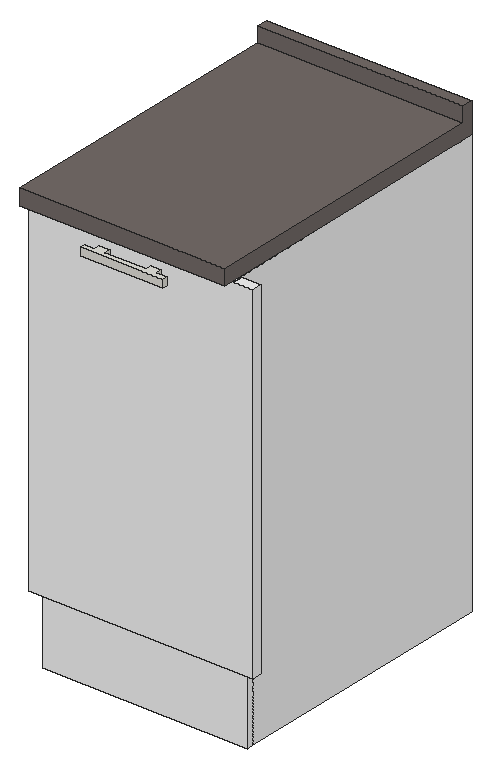
Revit family
Parameters (values of type "MAKE-UP 4000 BASE 02 (1000*600*440)")
  Assembly Code = ""
  Manufacturer = "HANSSEM"
  Model = "MAKE-UP 4000 BASE"
  Width = 400 mm
  upper face material = MARBL25
  side material = white shine
  support material = white shine
  knob material = Chrome, 2
  Height = 862 mm
  drawer material = white shine
  Depth = 600 mm
Reference planes
  plane 1 "중심(앞/뒤)": y = 0
  plane 2: z = 0
  plane 3 "중심(왼쪽/오른쪽)": x = 0
  plane 4: y = 300
  plane 5: y = -300
  plane 6: x = -440
  plane 7: x = -40
  plane 8: z = 862
  plane 9: x = -400
  plane 10: x = -80
  plane 11: y = 295
  plane 12: y = 275
  plane 13: y = -280
  plane 14: y = -278
  plane 15: z = 832
  plane 16: z = 150
  plane 17: x = -2
  plane 18: x = 2
  plane 19: z = 830
  plane 20: x = -226
  plane 21: x = -306
  plane 22: x = -146
  plane 23: z = 815
  plane 24: z = 800
  plane 25: y = -245
  plane 26: y = -233
  plane 27: z = 892
  plane 28: y = 280
  plane 29: y = -320
Forms (mm)
  Extrusion 1, solid, material "white shine" <- "side material"
    sketch origin (0, 0, 0) x (1, 0, 0) y (0, 1, 0)
      loop
        line (-400, 295) -> (-400, 275) -> (-80, 275) -> (-80, 295) -> (-400, 295)
    from 0 to 832
  Extrusion 2, solid, material "white shine" <- "drawer material"
    sketch origin (0, 100, 0) x (1, 0, 0) y (0, 1, 0)
      loop
        line (-440, -380) -> (-2, -380) -> (-2, -360) -> (-440, -360) -> (-440, -380)
    from 150 to 830
  Extrusion 3, solid, material "white shine" <- "side material"
    sketch origin (0, 0, 0) x (0, 1, 0) y (0, 0, 1)
      loop
        line (300, 832) -> (-278, 832) -> (-278, 150) -> (-233, 150) -> (-233, 0) -> (300, 0) -> (300, 832)
    from -80 to -40
  Extrusion 4, solid, material "white shine" <- "side material"
    sketch origin (0, 0, 0) x (0, 1, 0) y (0, 0, -1)
      loop
        line (300, -832) -> (300, 0) -> (-233, 0) -> (-233, -150) -> (-278, -150) -> (-278, -832) -> (300, -832)
    from 400 to 440
  Extrusion 5, solid, material "white shine" <- "support material"
    sketch origin (0, 100, 0) x (1, 0, 0) y (0, 1, 0)
      loop
        line (-440, -333) -> (-440, -345) -> (-40, -345) -> (-40, -333) -> (-440, -333)
    from 0 to 150
  Extrusion 6, solid, material "MARBL25" <- "upper face material"
    sketch origin (0, 0, 0) x (0, 1, 0) y (0, 0, 1)
      loop
        line (300, 832) -> (300, 892) -> (280, 892) -> (280, 862) -> (-300, 862) -> (-300, 832) -> (300, 832)
    from -440 to -40
  Extrusion 7, solid, material "Chrome, 2" <- "knob material"
    sketch origin (0, 0, 0) x (1, 0, 0) y (0, 1, 0)
      loop
        line (-286, -300) -> (-286, -310) -> (-306, -310) -> (-306, -320) -> (-146, -320) -> (-146, -310) -> (-166, -310) -> (-166, -300) -> (-186, -300) -> (-186, -310) -> (-266, -310) -> (-266, -300) -> (-286, -300)
    from 800 to 815
Dimensions and locks
  plane 1 "중심(앞/뒤)" to plane 4 = 300 mm
  "Depth": plane 5 to plane 4
  "Height": plane 8 to level
  plane 6 to plane 9 = 40 mm
  plane 10 to plane 7 = 40 mm
  "Width": plane 6 to plane 7
  plane 22 to plane 3 "중심(왼쪽/오른쪽)" = 146 mm
  plane 21 to plane 22 = 160 mm
  plane 9 to plane 21 = 94 mm
  plane 12 to plane 28 to plane 11 to plane 4 = 5 mm, 15 mm, 5 mm
  plane 27 to plane 8 to plane 15 to plane 19 to plane 23 to plane 24 to plane 16 = 30 mm, 30 mm, 2 mm, 15 mm, 15 mm, 650 mm
  level to plane 16 = 150 mm
  aligned and locked: plane 9 to Extrusion 1 sketch curve
  aligned and locked: plane 11 to Extrusion 1 sketch curve
  aligned and locked: plane 12 to Extrusion 1 sketch curve
  aligned and locked: plane 10 to Extrusion 1 sketch curve
  aligned and locked: Extrusion 1 to plane 15
  aligned and locked: plane 6 to Extrusion 2 sketch curve
  aligned and locked: Extrusion 2 sketch curve to plane 17
  aligned and locked: Extrusion 2 to plane 19
  aligned and locked: Extrusion 3 to plane 7
  aligned and locked: plane 10 to Extrusion 3
  aligned and locked: plane 6 to Extrusion 5 sketch curve
  aligned and locked: plane 7 to Extrusion 5 sketch curve
  aligned and locked: Extrusion 5 to plane 16
  aligned and locked: plane 6 to Extrusion 5
  aligned and locked: Extrusion 5 to plane 7
  aligned and locked: plane 11 to Extrusion 1
  aligned and locked: plane 12 to Extrusion 1
  aligned and locked: plane 9 to Extrusion 4
  aligned and locked: Extrusion 3 to plane 10
  aligned and locked: plane 4 to Extrusion 3
  aligned and locked: plane 16 to Extrusion 2
  aligned and locked: Extrusion 6 to plane 7
  aligned and locked: plane 6 to Extrusion 6
  aligned and locked: Extrusion 6 to plane 4
  aligned and locked: plane 5 to Extrusion 6
  aligned and locked: plane 27 to Extrusion 6
  aligned and locked: plane 28 to Extrusion 6
  aligned and locked: plane 15 to Extrusion 6
  aligned and locked: Extrusion 6 to plane 8
  aligned and locked: Extrusion 6 to Extrusion 4
  aligned and locked: Extrusion 3 to Extrusion 6
  aligned and locked: Extrusion 7 to plane 23
  aligned and locked: plane 24 to Extrusion 7
Automatic sketch dimensions
  Extrusion 6 sketch curve to plane 5 = 0 mm
  Extrusion 6 sketch curve to plane 8 = 0 mm
  Extrusion 6 sketch curve to plane 4 = 0 mm
  Extrusion 6 sketch curve to plane 15 = 0 mm
  Extrusion 6 sketch curve to plane 12 = 5 mm
  Extrusion 6 sketch curve to plane 8 = 30 mm
  Extrusion 7 sketch curve to plane 21 = 0 mm
  Extrusion 7 sketch curve to plane 5 = 0 mm  (x2)
  Extrusion 7 sketch curve to plane 22 = 0 mm
  Extrusion 7 sketch curve to Extrusion 7 sketch curve = 20 mm  (x2)
  Extrusion 7 sketch curve to Extrusion 7 sketch curve = 40 mm
  plane 22 to Extrusion 7 sketch curve = 20 mm
  plane 5 to Extrusion 7 sketch curve = 10 mm  (x3)
  Extrusion 7 sketch curve to Extrusion 7 sketch curve = 10 mm
  Extrusion 5 sketch curve to plane 5 = 55 mm
  Extrusion 5 sketch curve to Extrusion 5 sketch curve = 12 mm
  Extrusion 3 sketch curve to plane 15 = 0 mm
  Extrusion 3 sketch curve to plane 16 = 0 mm
  Extrusion 3 sketch curve to level = 0 mm
  Extrusion 3 sketch curve to plane 4 = 0 mm
  Extrusion 3 sketch curve to plane 5 = 67 mm
  Extrusion 3 sketch curve to plane 5 = 22 mm
  Extrusion 4 sketch curve to plane 15 = 0 mm
  Extrusion 4 sketch curve to plane 16 = 0 mm
  Extrusion 4 sketch curve to level = 0 mm
  Extrusion 4 sketch curve to plane 4 = 0 mm
  Extrusion 4 sketch curve to plane 5 = 67 mm
  Extrusion 4 sketch curve to plane 5 = 22 mm
  Extrusion 2 sketch curve to plane 5 = 20 mm
  Extrusion 2 sketch curve to Extrusion 2 sketch curve = 20 mm
